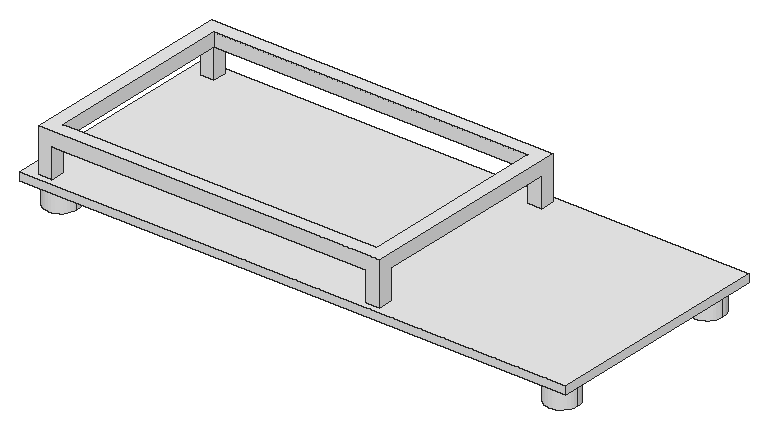
Revit family "Tray-Delta-Vero-Vanity", category Furniture, Revit 2012
Parameters (values of type "Chrome")
  z Width = 5.000"  # constant formula
  z Type = 1
  z Length = 12.000"  # constant formula
  z Height = 1.625"  # constant formula
  z Elevation = 0.000"  # constant formula
  z Bar Width = 4.750"  # constant formula
  Width = z Length  # 12.000"
  URL = "http://www.deltafaucet.com/index.html"
  Product Page URL = "http://www.deltafaucet.com/bath/details/77612.htm"
  Product Material = Chrome - Delta - Polished
  Product Documentation Link = "http://www.deltafaucet.com/media/SpecSheet/DSP-A-77612_Rev_A.pdf"
  Part Number [instance] = Model  # "77612"
  Part Description [instance] = Description  # "Vero Vanity Tray, Chrome"
  Model Disclaimer = "Contact Delta Faucet Company for More Information"  # constant formula
  Model = if(z Type = 1, "77612", if(z Type = 2, "77612-CZ", if(z Type = 3, "77612-RB", if(z Type = 4, "77612-SS", "Not Available"))))  # "77612"
  Manufacturer = "Delta Faucet Company"  # constant formula
  Height = z Height  # 1.625"
  Family Version = "1.0"  # constant formula
  Equipment Number [instance] = ""
  Equipment Abbreviation = "VT"
  Description = if(z Type = 1, "Vero Vanity Tray, Chrome", if(z Type = 2, "Vero Vanity Tray, Champagne Bronze", if(z Type = 3, "Vero Vanity Tray, Venetian Bronze", if(z Type = 4, "Vero Vanity Tray, Stainless", "Not Available"))))  # "Vero Vanity Tray, Chrome"
  Depth = z Width  # 5.000"
  Default Elevation = 48.000"
  Date Modified = "July 17, 2015"  # constant formula
  Date Created = "July 17, 2015"  # constant formula
  Copyright = "Copyright ©2015 Delta Faucet Company"  # constant formula
Types (5): name | z Type | Product Page URL | Product Material | Part Number | Part Description | Model | Description
  (no name) | 1 | "http://www.deltafaucet.com/bath/details/77612.htm" | Chrome - Delta - Polished | "77612" | "Vero Vanity Tray, Chrome" | "77612" | "Vero Vanity Tray, Chrome"
  Chrome | 1 | "http://www.deltafaucet.com/bath/details/77612.htm" | Chrome - Delta - Polished | "77612" | "Vero Vanity Tray, Chrome" | "77612" | "Vero Vanity Tray, Chrome"
  Champagne Bronze | 2 | "http://www.deltafaucet.com/bath/details/77612-cz.html" | Bronze - Delta - Champagne | "77612-CZ" | "Vero Vanity Tray, Champagne Bronze" | "77612-CZ" | "Vero Vanity Tray, Champagne Bronze"
  Venetian Bronze | 3 | "http://www.deltafaucet.com/bath/details/77612-rb.html" | Bronze - Delta - Venetian | "77612-RB" | "Vero Vanity Tray, Venetian Bronze" | "77612-RB" | "Vero Vanity Tray, Venetian Bronze"
  Stainless | 4 | "http://www.deltafaucet.com/bath/details/77612-ss.html" | Stainless Steel - Delta - Polished | "77612-SS" | "Vero Vanity Tray, Stainless" | "77612-SS" | "Vero Vanity Tray, Stainless"
Reference planes (in)
  plane 1 "Center (Front/Back)": y = 0
  plane 2 "Center (Elevation)": z = 0
  plane 3 "Center (Left/Right)": x = 0
  plane 4 "Left": x = -6
  plane 5 "Right": x = 6
  plane 6 "Back": y = 2.5
  plane 7 "Front": y = -2.5
  plane 8: z = 0
  plane 9: z = 0.5
  plane 10: z = 0.675
  plane 11: y = 2
  plane 12: y = -2
  plane 13: x = -5.5
  plane 14: x = 5.5
  plane 15 "Top": z = 1.625
  plane 16: x = -5.7
  plane 17: y = -2.375
  plane 18: y = 2.375
  plane 19: x = 1.8
  plane 20: x = -5.4
  plane 21: y = 2.075
  plane 22: y = -2.075
  plane 23: x = 1.5
  plane 24: z = 1.325
Forms (in)
  Extrusion 1, solid, material "Chrome - Delta - Polished" <- "Product Material"
    sketch origin (0, 0, 0) x (1, 0, 0) y (0, 1, 0)
      loop
        line (-6, 2.5) -> (-6, -2.5) -> (6, -2.5) -> (6, 2.5) -> (-6, 2.5)
    from 0.5 to 0.675
  Extrusion 2, solid, material "Chrome - Delta - Polished" <- "Product Material"
    sketch origin (0, 0, 0) x (1, 0, 0) y (0, 1, 0)
      loop
        circle (-5.5, 2) r 0.35
      loop
        circle (-5.5, -2) r 0.35
      loop
        circle (5.5, -2) r 0.35
      loop
        circle (5.5, 2) r 0.35
    from 0 to 0.5
  Extrusion 3, solid, material "Chrome - Delta - Polished" <- "Product Material"
    sketch origin (0, 0, 0) x (1, 0, 0) y (0, 1, 0)
      loop
        line (-5.7, 2.375) -> (-5.7, -2.375) -> (1.8, -2.375) -> (1.8, 2.375) -> (-5.7, 2.375)
      loop
        line (-5.4, 2.075) -> (-5.4, -2.075) -> (1.5, -2.075) -> (1.5, 2.075) -> (-5.4, 2.075)
    from 0.675 to 1.625
  Extrusion 4, void, detail levels medium
    sketch origin (0, 0, 0) x (1, 0, 0) y (0, 0, 1)
      loop
        line (-5.4, 1.325) -> (-5.4, 0.675) -> (1.5, 0.675) -> (1.5, 1.325) -> (-5.4, 1.325)
    from -2.375 to 2.375
  Extrusion 5, void, detail levels medium
    sketch origin (0, 0, 0) x (0, 1, 0) y (0, 0, 1)
      loop
        line (2.075, 1.325) -> (-2.075, 1.325) -> (-2.075, 0.675) -> (2.075, 0.675) -> (2.075, 1.325)
    from -5.7 to 1.8
Cuts and joins
  Extrusion 4, Extrusion 5 cuts Extrusion 3
  joined: Extrusion 1, Extrusion 2, Extrusion 3
Lines and regions (in)
  Masking region 1
    outline origin (-60, -180, 0.675) x (-1, 0, 0) y (0, -1, 0)
      loop
        line (-54, -182.5) -> (-54, -177.5) -> (-66, -177.5) -> (-66, -182.5) -> (-54, -182.5)
  Masking region 2, detail levels fine
    outline origin (-60, -180, 1.625) x (-1, 0, 0) y (0, -1, 0)
      loop
        line (-54.3, -182.375) -> (-54.3, -177.625) -> (-61.8, -177.625) -> (-61.8, -182.375) -> (-54.3, -182.375)
      loop
        line (-54.6, -182.075) -> (-54.6, -177.925) -> (-61.5, -177.925) -> (-61.5, -182.075) -> (-54.6, -182.075)
Dimensions and locks (in)
  equal spacing: plane 4 "Left", plane 3 "Center (Left/Right)", plane 5 "Right"
  "z Length": plane 4 "Left" to plane 5 "Right"
  equal spacing: plane 6 "Back", plane 1 "Center (Front/Back)", plane 7 "Front"
  "z Width": plane 6 "Back" to plane 7 "Front"
  "z Elevation": plane 8 to plane 2 "Center (Elevation)"
  locked: plane 10 to plane 9 at 0.175
  locked: plane 9 to plane 8 at 0.5
  equal spacing: plane 18, plane 1 "Center (Front/Back)", plane 17
  "z Bar Width": plane 18 to plane 17
  locked: plane 15 "Top" to plane 24 at 0.3
  "z Height": plane 15 "Top" to plane 8
  aligned and locked: plane 2 "Center (Elevation)" to level
  aligned and locked: Extrusion 1 sketch curve to plane 6 "Back"
  aligned and locked: plane 4 "Left" to Extrusion 1 sketch curve
  aligned and locked: plane 7 "Front" to Extrusion 1 sketch curve
  aligned and locked: Extrusion 1 sketch curve to plane 5 "Right"
  aligned and locked: Extrusion 1 to plane 9
  aligned and locked: plane 10 to Extrusion 1
  aligned and locked: plane 13 to Extrusion 2 sketch curve  (x2)
  aligned and locked: plane 14 to Extrusion 2 sketch curve  (x2)
  aligned and locked: plane 12 to Extrusion 2 sketch curve  (x2)
  aligned and locked: plane 11 to Extrusion 2 sketch curve  (x2)
  aligned and locked: Extrusion 2 to plane 8
  aligned and locked: plane 9 to Extrusion 2
  aligned and locked: plane 17 to Extrusion 3 sketch curve
  aligned and locked: Extrusion 3 sketch curve to plane 19
  aligned and locked: plane 16 to Extrusion 3 sketch curve
  aligned and locked: Extrusion 3 sketch curve to plane 18
  aligned and locked: plane 22 to Extrusion 3 sketch curve
  aligned and locked: Extrusion 3 sketch curve to plane 23
  aligned and locked: plane 20 to Extrusion 3 sketch curve
  aligned and locked: Extrusion 3 sketch curve to plane 21
  aligned and locked: Extrusion 3 to plane 10
  aligned and locked: plane 15 "Top" to Extrusion 3
  aligned and locked: Extrusion 4 sketch curve to plane 23
  aligned and locked: Extrusion 4 sketch curve to plane 24
  aligned and locked: plane 20 to Extrusion 4 sketch curve
  aligned and locked: plane 10 to Extrusion 4 sketch curve
  aligned and locked: plane 18 to Extrusion 4
  aligned and locked: Extrusion 4 to plane 17
  aligned and locked: plane 22 to Extrusion 5 sketch curve
  aligned and locked: Extrusion 5 sketch curve to plane 24
  aligned and locked: Extrusion 5 sketch curve to plane 21
  aligned and locked: plane 10 to Extrusion 5 sketch curve
  aligned and locked: Extrusion 5 to plane 16
  aligned and locked: plane 19 to Extrusion 5
  aligned and locked: Masking region 1 sketch curve to plane 5 "Right"
  aligned and locked: Masking region 1 sketch curve to plane 6 "Back"
  aligned and locked: plane 4 "Left" to Masking region 1 sketch curve
  aligned and locked: plane 7 "Front" to Masking region 1 sketch curve
  aligned and locked: Masking region 2 sketch curve to plane 19
  aligned and locked: Masking region 2 sketch curve to plane 18
  aligned and locked: plane 16 to Masking region 2 sketch curve
  aligned and locked: plane 17 to Masking region 2 sketch curve
  aligned and locked: plane 22 to Masking region 2 sketch curve
  aligned and locked: Masking region 2 sketch curve to plane 23
  aligned and locked: Masking region 2 sketch curve to plane 21
  aligned and locked: plane 20 to Masking region 2 sketch curve
Automatic sketch dimensions
  radius of Extrusion 2 sketch curve = 0.350"  (x4)
